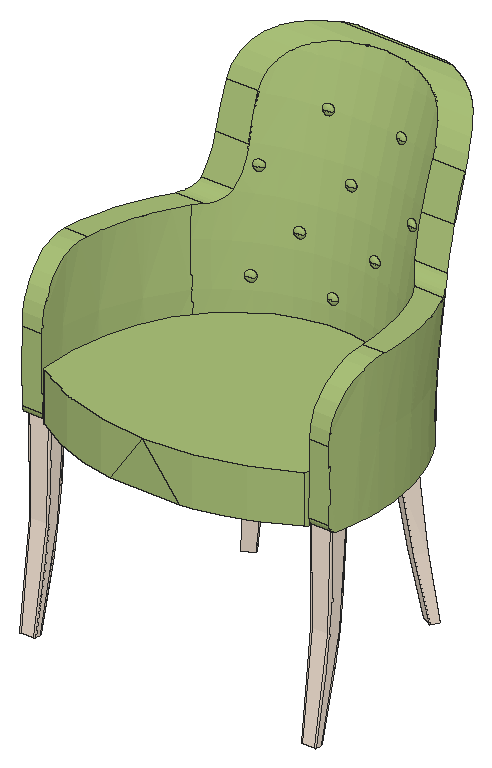
Revit family "FU_Chair_Sandler_Luma 5-1K", category Furniture, Revit 2020
Family settings
  OmniClass Number = 23.40.20.00
  OmniClass Title = General Furniture and Specialties
  Work Plane-Based = No
  Always vertical = Yes
  Cut with Voids When Loaded = No
  Shared = No
  Room Calculation Point = No
Parameters (values of type "Luma 5.1K")
  Width = 650 mm
  URL = "https://www.sandlerseating.com/product/luma-5-1k/"
  Seat [instance] = Fabric - Manhattan - Ellis YI365
  Model = "Luma 5.1K"
  Manufacturer = "Sandler"
  Height = 910 mm
  Frame [instance] = Wood - Beech - White Aniline
  Description = "Armchair, fully upholstered with button detail. Beech frame."
  Depth = 650 mm
  Default Elevation = 0 mm
Reference planes
  plane 1 "Center (Front/Back)": y = 0
  plane 2: z = 0
  plane 3 "Center (Left/Right)": x = 0
  plane 4 "Right": x = -325
  plane 5 "Left": x = 325
  plane 6 "Back": y = 325
  plane 7 "Front": y = -325
  plane 8 "Height": z = 910
  plane 9 "Seat height": z = 480
  plane 10 "Back Legs RIGHT": through (4267.2, 185.32, 1.178) normal (0, -0.9948, -0.1016)
  plane 11 "Arm edge": y = -152.6
  plane 12 "L FL FRONT": through (295.598, -1524, -3.695) normal (-0.9993, 0, -0.0377)
  plane 13 "K1": z = 800.603
  plane 14 "k2": z = 705.282
  plane 15 "k3": z = 609.202
  plane 16 "k4": z = 521.599
Forms (mm)
  SweptBlend 1, solid, material "Wood - Beech - White Aniline" <- "Frame"
    path origin (5, 183.373, 20.251) x (0, 0.101559, -0.994829) y (1, 0, 0)
      loop
        arc (29.342, -192.452) -> (-163.928, -164.338) -> (-358.914, -153.175) r 2238.739
    profile origin (-187.452, 186.353, -8.939) x (-0.982364, -0.01899, 0.186013) y (0, -0.994829, -0.101559)
      loop
        line (12.108, 14.922) -> (3.806, 29.084) -> (-16.918, 16.935) -> (-7.798, 3.253) -> (12.108, 14.922)
    end profile origin (-148.175, 146.922, 377.309) x (-0.999908, -0.001377, 0.013484) y (0, -0.994829, -0.101559)
      loop
        line (26.399, 8.926) -> (6.58, 39.672) -> (-25.918, 18.724) -> (-6.837, -10.876) -> (26.399, 8.926)
  SweptBlend 2, solid, material "Wood - Beech - White Aniline" <- "Frame"
    path origin (-5, 183.373, 20.251) x (0, 0.101559, -0.994829) y (-1, 0, 0)
      loop
        arc (29.342, -192.452) -> (-163.928, -164.338) -> (-358.914, -153.175) r 2238.739
    profile origin (187.452, 186.353, -8.939) x (-0.982364, 0.01899, -0.186013) y (0, -0.994829, -0.101559)
      loop
        line (-12.108, 14.922) -> (7.798, 3.253) -> (16.918, 16.935) -> (-3.806, 29.084) -> (-12.108, 14.922)
    end profile origin (148.175, 146.922, 377.309) x (-0.999908, 0.001377, -0.013484) y (0, -0.994829, -0.101559)
      loop
        line (-26.399, 8.926) -> (6.837, -10.876) -> (25.918, 18.724) -> (-6.58, 39.672) -> (-26.399, 8.926)
  Extrusion 3, solid, material "Fabric - Manhattan - Ellis YI365" <- "Seat"
    sketch origin (0, 0, 480) x (-1, 0, 0) y (0, -1, 0)
      loop
        arc (-143.909, -114.494) -> (0, -164.766) -> (143.909, -114.494) r 231.115
        arc (143.909, -114.494) -> (221.646, -24.721) -> (261.665, 87.086) r 322.835
        arc (261.665, 87.086) -> (268.704, 162.821) -> (265.706, 238.823) r 576.15
        arc (265.706, 238.823) -> (264.009, 243.822) -> (260.33, 247.608) r 11.996
        arc (260.33, 247.608) -> (0.001, 325) -> (-260.329, 247.609) r 476.543
        arc (-260.329, 247.609) -> (-264.009, 243.822) -> (-265.707, 238.821) r 12
        arc (-265.707, 238.821) -> (-268.704, 162.82) -> (-261.665, 87.086) r 576.15
        arc (-261.665, 87.086) -> (-221.646, -24.721) -> (-143.909, -114.494) r 322.835
    from -124.498 to 0
  Extrusion 4, void
    sketch origin (0, 0, 0) x (0, 1, 0) y (0, 0, 1)
      loop
        line (-325, 478.978) -> (-319.879, 382.269) -> (185.355, 363.18) -> (185.355, 459.696) -> (-325, 478.978)
      loop
        line (-370.226, 500.654) -> (-370.226, 345.654) -> (209.774, 345.654) -> (209.774, 500.654) -> (-370.226, 500.654)
    from -325 to 325
  Extrusion 5, void
    sketch origin (0, 0, 0) x (0, 1, 0) y (0, 0, 1)
      loop
        line (260, 360.36) -> (-228.159, 378.803)
        arc (-228.159, 378.803) -> (-239.08, 383.694) -> (-243.555, 394.792) r 16
        line (-243.555, 394.792) -> (-243.555, 537.413)
        arc (-243.555, 537.413) -> (-207.155, 623.033) -> (-119.907, 655.335) r 117.482
        line (-119.907, 655.335) -> (91.8, 644.205)
        arc (91.8, 644.205) -> (113.257, 648.966) -> (129.185, 664.111) r 41.066
        arc (129.185, 664.111) -> (144.026, 700.031) -> (155.68, 737.108) r 445.591
        arc (155.68, 737.108) -> (167.893, 778.684) -> (182.149, 819.605) r 874.673
        arc (182.149, 819.605) -> (232.106, 884.278) -> (309.738, 909.807) r 139.307
        arc (309.738, 909.807) -> (322.465, 904.696) -> (323.562, 891.025) r 13.026
        line (323.562, 891.025) -> (361.278, 891.025) -> (361.278, 1201.025) -> (-325, 1201.025) -> (-325, 271.025) -> (260, 271.025) -> (260, 360.36)
    from -350 to 350
  SweptBlend 6, solid, material "Fabric - Manhattan - Ellis YI365" <- "Seat"
    path origin (0, 0, 0) x (0, 1, 0) y (0, 0, 1)
      loop
        arc (213.43, 333.994) -> (240.733, 637.28) -> (338.083, 925.812) r 1295.386
    profile "Pro_Luma 5-2 BackBase : Pro_Luma 5-2 BackBase" origin (0, 213.43, 333.994) x (0, -0.999607, -0.028023) y (1, 0, 0)
      loop
        arc (113.639, -244.525) -> (295.904, -313.146) -> (490, -297.149) r 443.929
        line (490, -297.149) -> (490, -260.107)
        arc (490, -260.107) -> (311.893, -264.863) -> (145.216, -201.905) r 462.275
        arc (145.216, -201.905) -> (48.18, 10.53) -> (164.343, 213.14) r 255.568
        arc (164.343, 213.14) -> (322.852, 266.578) -> (490, 260.107) r 462.275
        line (490, 260.107) -> (490, 297.149)
        arc (490, 297.149) -> (293.429, 312.792) -> (109.475, 241.757) r 443.929
        arc (109.475, 241.757) -> (0.011, -2.339) -> (113.639, -244.525) r 320.777
    end profile "Pro_Luma 5-2 BackTop : Pro_Luma 5-2 BackTop" origin (0, 338.083, 925.812) x (0, -0.903379, 0.428843) y (1, 0, 0)
      loop
        line (490, -311.912) -> (490, -272.452)
        arc (490, -272.452) -> (337.827, -283.61) -> (189.324, -248.563) r 502.276
        arc (189.324, -248.563) -> (39.922, 0) -> (189.324, 248.563) r 281.471
        arc (189.324, 248.563) -> (337.827, 283.61) -> (490, 272.452) r 502.276
        line (490, 272.452) -> (490, 311.912)
        arc (490, 311.912) -> (329.739, 323.267) -> (172.778, 288.981) r 564.069
        arc (172.778, 288.981) -> (-0.071, 0) -> (172.778, -288.981) r 327.994
        arc (172.778, -288.981) -> (329.739, -323.267) -> (490, -311.912) r 564.069
  SweptBlend 7, solid, material "Wood - Beech - White Aniline" <- "Frame"
    path origin (0, 20, 1.3) x (0, 1, 0) y (0, 0, 1)
      loop
        arc (-276.589, -6.834) -> (-241.307, 190.424) -> (-232.992, 390.64) r 1480.192
    profile origin (0, -256.589, -5.534) x (0, -0.970202, 0.242297) y (1, 0, 0)
      loop
        arc (8.017, 295.139) -> (7.431, 296.553) -> (6.017, 297.139) r 2
        line (6.017, 297.139) -> (-5.983, 297.139)
        arc (-5.983, 297.139) -> (-7.397, 296.553) -> (-7.983, 295.139) r 2
        line (-7.983, 295.139) -> (-7.983, 269.139)
        arc (-7.983, 269.139) -> (-7.397, 267.725) -> (-5.983, 267.139) r 2
        line (-5.983, 267.139) -> (6.017, 267.139)
        arc (6.017, 267.139) -> (7.431, 267.725) -> (8.017, 269.139) r 2
        line (8.017, 269.139) -> (8.017, 295.139)
    end profile origin (0, -212.992, 391.94) x (0, -0.999656, -0.026232) y (1, 0, 0)
      loop
        line (20, 262.639) -> (20, 301.639)
        arc (20, 301.639) -> (19.121, 303.76) -> (17, 304.639) r 3
        line (17, 304.639) -> (-17, 304.639)
        arc (-17, 304.639) -> (-19.121, 303.76) -> (-20, 301.639) r 3
        line (-20, 301.639) -> (-20, 262.639)
        arc (-20, 262.639) -> (-19.121, 260.518) -> (-17, 259.639) r 3
        line (-17, 259.639) -> (17, 259.639)
        arc (17, 259.639) -> (19.121, 260.518) -> (20, 262.639) r 3
  SweptBlend 8, solid, material "Wood - Beech - White Aniline" <- "Frame"
    path origin (0, 20, 1.3) x (0, 1, 0) y (0, 0, -1)
      loop
        arc (-276.589, 6.834) -> (-241.307, -190.424) -> (-232.992, -390.64) r 1480.192
    profile origin (0, -256.589, -5.534) x (0, 0.970202, -0.242297) y (-1, 0, 0)
      loop
        line (-8.017, 295.139) -> (-8.017, 269.139)
        arc (-8.017, 269.139) -> (-7.431, 267.725) -> (-6.017, 267.139) r 2
        line (-6.017, 267.139) -> (5.983, 267.139)
        arc (5.983, 267.139) -> (7.397, 267.725) -> (7.983, 269.139) r 2
        line (7.983, 269.139) -> (7.983, 295.139)
        arc (7.983, 295.139) -> (7.397, 296.553) -> (5.983, 297.139) r 2
        line (5.983, 297.139) -> (-6.017, 297.139)
        arc (-6.017, 297.139) -> (-7.431, 296.553) -> (-8.017, 295.139) r 2
    end profile origin (0, -212.992, 391.94) x (0, 0.999656, 0.026232) y (-1, 0, 0)
      loop
        arc (-20, 262.639) -> (-19.121, 260.518) -> (-17, 259.639) r 3
        line (-17, 259.639) -> (17, 259.639)
        arc (17, 259.639) -> (19.121, 260.518) -> (20, 262.639) r 3
        line (20, 262.639) -> (20, 301.639)
        arc (20, 301.639) -> (19.121, 303.76) -> (17, 304.639) r 3
        line (17, 304.639) -> (-17, 304.639)
        arc (-17, 304.639) -> (-19.121, 303.76) -> (-20, 301.639) r 3
        line (-20, 301.639) -> (-20, 262.639)
  Extrusion 9, void
    sketch origin (0, 0, 0) x (1, 0, 0) y (0, 0, 1)
      loop
        line (-325, 0) -> (-325, -20) -> (325, -20) -> (325, 0) -> (-325, 0)
    from -325 to 325
  Revolve 10, solid, material "Fabric - Manhattan - Ellis YI365" <- "Seat"
    sketch origin (0, -10, 800.603) x (-1, 0, 0) y (0, -1, 0)
      loop
        line (72.695, -235.625) -> (74.259, -245.502)
        spline (74.259, -245.502) -> (76.789, -244.929) -> (79.093, -244.058) -> (81.014, -242.949) -> (82.422, -241.678) -> (83.22, -240.331) -> (83.354, -238.999) -> (82.815, -237.774) -> (81.64, -236.74) -> (79.908, -235.965) -> (77.738, -235.505) -> (75.278, -235.388) -> (72.695, -235.625)
      axis (74.259, -245.502) -> (72.695, -235.625)
    angle from 0 to 360
  Revolve 11, solid, material "Fabric - Manhattan - Ellis YI365" <- "Seat"
    sketch origin (0, -10, 800.603) x (1, 0, 0) y (0, -1, 0)
      loop
        line (72.695, -235.625) -> (74.259, -245.502)
        spline (74.259, -245.502) -> (76.789, -244.929) -> (79.093, -244.058) -> (81.014, -242.949) -> (82.422, -241.678) -> (83.22, -240.331) -> (83.354, -238.999) -> (82.815, -237.774) -> (81.64, -236.74) -> (79.908, -235.965) -> (77.738, -235.505) -> (75.278, -235.388) -> (72.695, -235.625)
      axis (74.259, -245.502) -> (72.695, -235.625)
    angle from 0 to 360
  Revolve 12, solid, material "Fabric - Manhattan - Ellis YI365" <- "Seat"
    sketch origin (0, -5, 705.282) x (-1, 0, 0) y (0, -1, 0)
      loop
        line (0, -196.02) -> (0, -206.02)
        spline (0, -206.02) -> (2.588, -205.849) -> (5, -205.35) -> (7.071, -204.555) -> (8.66, -203.52) -> (9.659, -202.314) -> (10, -201.02) -> (9.659, -199.725) -> (8.66, -198.52) -> (7.071, -197.484) -> (5, -196.689) -> (2.588, -196.19) -> (0, -196.02)
      axis (0, -206.02) -> (0, -196.02)
    angle from 0 to 360
  Revolve 13, solid, material "Fabric - Manhattan - Ellis YI365" <- "Seat"
    sketch origin (0, -5, 705.282) x (-1, 0, 0) y (0, -1, 0)
      loop
        spline (155.156, -166.224) -> (157.471, -165.056) -> (159.496, -163.654) -> (161.092, -162.113) -> (162.151, -160.539) -> (162.599, -159.039) -> (162.407, -157.714) -> (161.588, -156.656) -> (160.197, -155.937) -> (158.329, -155.604) -> (156.113, -155.682) -> (153.697, -156.165) -> (151.248, -157.019)
        line (151.248, -157.019) -> (155.156, -166.224)
      axis (155.156, -166.224) -> (151.248, -157.019)
    angle from 0 to 360
  Revolve 14, solid, material "Fabric - Manhattan - Ellis YI365" <- "Seat"
    sketch origin (0, -5, 705.282) x (1, 0, 0) y (0, -1, 0)
      loop
        spline (155.156, -166.224) -> (157.471, -165.056) -> (159.496, -163.654) -> (161.092, -162.113) -> (162.151, -160.539) -> (162.599, -159.039) -> (162.407, -157.714) -> (161.588, -156.656) -> (160.197, -155.937) -> (158.329, -155.604) -> (156.113, -155.682) -> (153.697, -156.165) -> (151.248, -157.019)
        line (151.248, -157.019) -> (155.156, -166.224)
      axis (155.156, -166.224) -> (151.248, -157.019)
    angle from 0 to 360
  Revolve 15, solid, material "Fabric - Manhattan - Ellis YI365" <- "Seat"
    sketch origin (0, -5, 609.202) x (-1, 0, 0) y (0, -1, 0)
      loop
        line (74.689, -161.098) -> (76.254, -170.975)
        spline (76.254, -170.975) -> (78.783, -170.402) -> (81.087, -169.531) -> (83.009, -168.423) -> (84.416, -167.151) -> (85.214, -165.804) -> (85.348, -164.472) -> (84.809, -163.248) -> (83.634, -162.213) -> (81.902, -161.439) -> (79.733, -160.978) -> (77.272, -160.862) -> (74.689, -161.098)
      axis (76.254, -170.975) -> (74.689, -161.098)
    angle from 0 to 360
  Revolve 16, solid, material "Fabric - Manhattan - Ellis YI365" <- "Seat"
    sketch origin (0, -5, 609.202) x (1, 0, 0) y (0, -1, 0)
      loop
        line (74.689, -161.098) -> (76.254, -170.975)
        spline (76.254, -170.975) -> (78.783, -170.402) -> (81.087, -169.531) -> (83.009, -168.423) -> (84.416, -167.151) -> (85.214, -165.804) -> (85.348, -164.472) -> (84.809, -163.248) -> (83.634, -162.213) -> (81.902, -161.439) -> (79.733, -160.978) -> (77.272, -160.862) -> (74.689, -161.098)
      axis (76.254, -170.975) -> (74.689, -161.098)
    angle from 0 to 360
  Revolve 17, solid, material "Fabric - Manhattan - Ellis YI365" <- "Seat"
    sketch origin (0, -10, 521.599) x (-1, 0, 0) y (0, -1, 0)
      loop
        spline (0, -164.807) -> (2.588, -164.636) -> (5, -164.137) -> (7.071, -163.342) -> (8.66, -162.307) -> (9.659, -161.101) -> (10, -159.807) -> (9.659, -158.512) -> (8.66, -157.307) -> (7.071, -156.271) -> (5, -155.476) -> (2.588, -154.977) -> (0, -154.807)
        line (0, -154.807) -> (0, -164.807)
      axis (0, -164.807) -> (0, -154.807)
    angle from 0 to 360
  Revolve 18, solid, material "Fabric - Manhattan - Ellis YI365" <- "Seat"
    sketch origin (0, -10, 521.599) x (-1, 0, 0) y (0, -1, 0)
      loop
        spline (148.471, -141.691) -> (150.807, -140.563) -> (152.856, -139.197) -> (154.478, -137.684) -> (155.564, -136.129) -> (156.038, -134.637) -> (155.869, -133.309) -> (155.069, -132.237) -> (153.691, -131.493) -> (151.829, -131.128) -> (149.611, -131.167) -> (147.188, -131.608) -> (144.725, -132.419)
        line (144.725, -132.419) -> (148.471, -141.691)
      axis (148.471, -141.691) -> (144.725, -132.419)
    angle from 0 to 360
  Revolve 19, solid, material "Fabric - Manhattan - Ellis YI365" <- "Seat"
    sketch origin (0, -10, 521.599) x (1, 0, 0) y (0, -1, 0)
      loop
        spline (148.471, -141.691) -> (150.807, -140.563) -> (152.856, -139.197) -> (154.478, -137.684) -> (155.564, -136.129) -> (156.038, -134.637) -> (155.869, -133.309) -> (155.069, -132.237) -> (153.691, -131.493) -> (151.829, -131.128) -> (149.611, -131.167) -> (147.188, -131.608) -> (144.725, -132.419)
        line (144.725, -132.419) -> (148.471, -141.691)
      axis (148.471, -141.691) -> (144.725, -132.419)
    angle from 0 to 360
Cuts and joins
  Extrusion 4 cuts Extrusion 3
  Extrusion 5 cuts SweptBlend 6
  Extrusion 9 cuts SweptBlend 8
  Extrusion 9 cuts SweptBlend 7
  Extrusion 9 cuts SweptBlend 2
  Extrusion 9 cuts SweptBlend 1
Dimensions and locks
  equal spacing: plane 4 "Right", plane 3 "Center (Left/Right)", plane 5 "Left"
  "Width": plane 4 "Right" to plane 5 "Left"
  equal spacing: plane 6 "Back", plane 1 "Center (Front/Back)", plane 7 "Front"
  "Depth": plane 6 "Back" to plane 7 "Front"
  "Height": plane 8 "Height" to level
  plane 9 "Seat height" to level = 480 mm
  aligned and locked: level to plane 2
Automatic sketch dimensions
  plane 4 "Right" to SweptBlend 1 sketch curve = 2061.709 mm
  SweptBlend 1 sketch curve to plane 3 "Center (Left/Right)" = 148.175 mm
  SweptBlend 1 sketch curve to SweptBlend 1 sketch curve = 30.344 mm
  SweptBlend 1 sketch curve to plane 4 "Right" = 137.548 mm
  profile plane to SweptBlend 1 sketch curve = 16.918 mm
  plane 10 "Back Legs RIGHT" to SweptBlend 1 sketch curve = 3.253 mm
  profile plane to SweptBlend 1 sketch curve = 7.798 mm
  SweptBlend 1 sketch curve to profile plane = 3.806 mm
  SweptBlend 1 sketch curve to profile plane = 12.108 mm
  plane 10 "Back Legs RIGHT" to SweptBlend 1 sketch curve = 14.922 mm
  profile plane to SweptBlend 1 sketch curve = 25.918 mm
  profile plane to SweptBlend 1 sketch curve = 6.837 mm
  SweptBlend 1 sketch curve to profile plane = 6.58 mm
  plane 10 "Back Legs RIGHT" to SweptBlend 1 sketch curve = 8.926 mm
  SweptBlend 1 sketch curve to profile plane = 26.399 mm
  SweptBlend 1 sketch curve to plane 10 "Back Legs RIGHT" = 10.876 mm
  plane 5 "Left" to SweptBlend 2 sketch curve = 2061.709 mm
  SweptBlend 2 sketch curve to plane 3 "Center (Left/Right)" = 148.175 mm
  SweptBlend 2 sketch curve to SweptBlend 2 sketch curve = 30.344 mm
  SweptBlend 2 sketch curve to plane 5 "Left" = 137.548 mm
  profile plane to SweptBlend 2 sketch curve = 12.108 mm
  profile plane to SweptBlend 2 sketch curve = 3.806 mm
  plane 10 "Back Legs RIGHT" to SweptBlend 2 sketch curve = 3.253 mm
  SweptBlend 2 sketch curve to profile plane = 7.798 mm
  SweptBlend 2 sketch curve to SweptBlend 2 sketch curve = 9.119 mm
  plane 10 "Back Legs RIGHT" to SweptBlend 2 sketch curve = 14.922 mm
  plane 10 "Back Legs RIGHT" to SweptBlend 2 sketch curve = 8.926 mm
  profile plane to SweptBlend 2 sketch curve = 26.399 mm
  profile plane to SweptBlend 2 sketch curve = 6.58 mm
  SweptBlend 2 sketch curve to profile plane = 6.837 mm
  plane 10 "Back Legs RIGHT" to SweptBlend 2 sketch curve = 18.724 mm
  SweptBlend 2 sketch curve to profile plane = 25.918 mm
  Extrusion 3 sketch curve to plane 3 "Center (Left/Right)" = 0 mm  (x2)
  plane 11 "Arm edge" to Extrusion 3 sketch curve = 14.481 mm  (x2)
  plane 3 "Center (Left/Right)" to Extrusion 3 sketch curve = 57.112 mm
  plane 5 "Left" to Extrusion 3 sketch curve = 71.227 mm
  plane 5 "Left" to Extrusion 3 sketch curve = 17.759 mm
  Extrusion 3 sketch curve to plane 3 "Center (Left/Right)" = 57.112 mm
  Extrusion 3 sketch curve to plane 4 "Right" = 71.223 mm
  Extrusion 3 sketch curve to plane 4 "Right" = 17.759 mm
  plane 1 "Center (Front/Back)" to Extrusion 3 sketch curve = 66.349 mm
  Extrusion 3 sketch curve to plane 1 "Center (Front/Back)" = 151.543 mm
  Extrusion 3 sketch curve to plane 11 "Arm edge" = 25.562 mm  (x2)
  Extrusion 3 sketch curve to Extrusion 3 sketch curve = 59.396 mm
  Extrusion 3 sketch curve to Extrusion 3 sketch curve = 59.398 mm
  Extrusion 3 sketch curve to plane 1 "Center (Front/Back)" = 114.494 mm
  Extrusion 3 sketch curve to Extrusion 3 sketch curve = 0 mm  (x6)
  Extrusion 3 sketch curve to Extrusion 3 sketch curve = 6.555 mm
  Extrusion 4 sketch curve to plane 7 "Front" = 0 mm
  plane 9 "Seat height" to Extrusion 4 sketch curve = 20.654 mm
  Extrusion 4 sketch curve to plane 7 "Front" = 45.226 mm
  plane 7 "Front" to Extrusion 4 sketch curve = 5.121 mm
  Extrusion 4 sketch curve to plane 6 "Back" = 139.645 mm
  Extrusion 4 sketch curve to Extrusion 4 sketch curve = 24.419 mm
  Extrusion 4 sketch curve to plane 9 "Seat height" = 1.022 mm
  Extrusion 4 sketch curve to plane 9 "Seat height" = 20.304 mm
  Extrusion 4 sketch curve to Extrusion 4 sketch curve = 96.71 mm
  Extrusion 4 sketch curve to Extrusion 4 sketch curve = 96.516 mm
  Extrusion 4 sketch curve to Extrusion 4 sketch curve = 17.526 mm
  Extrusion 5 sketch curve to plane 7 "Front" = 0 mm
  plane 7 "Front" to Extrusion 5 sketch curve = 50.172 mm
  plane 7 "Front" to Extrusion 5 sketch curve = 81.445 mm
  Extrusion 5 sketch curve to Extrusion 5 sketch curve = 15.396 mm
  Extrusion 5 sketch curve to Extrusion 5 sketch curve = 0.604 mm
  plane 11 "Arm edge" to Extrusion 5 sketch curve = 26.525 mm
  plane 11 "Arm edge" to Extrusion 5 sketch curve = 32.693 mm
  plane 15 "k3" to Extrusion 5 sketch curve = 35.003 mm
  Extrusion 5 sketch curve to plane 1 "Center (Front/Back)" = 91.8 mm
  Extrusion 5 sketch curve to plane 14 "k2" = 20.068 mm
  Extrusion 5 sketch curve to Extrusion 5 sketch curve = 2.156 mm
  Extrusion 5 sketch curve to plane 6 "Back" = 65 mm
  Extrusion 5 sketch curve to plane 6 "Back" = 13.026 mm
  Extrusion 5 sketch curve to plane 6 "Back" = 12.475 mm
  Extrusion 5 sketch curve to plane 6 "Back" = 1.438 mm
  plane 6 "Back" to Extrusion 5 sketch curve = 36.278 mm
  Extrusion 5 sketch curve to plane 16 "k4" = 10.136 mm
  plane 6 "Back" to Extrusion 5 sketch curve = 675.747 mm
  Extrusion 5 sketch curve to plane 9 "Seat height" = 85.208 mm
  Extrusion 5 sketch curve to plane 9 "Seat height" = 119.64 mm
  Extrusion 5 sketch curve to Extrusion 5 sketch curve = 107.779 mm
  plane 16 "k4" to Extrusion 5 sketch curve = 15.814 mm
  plane 16 "k4" to Extrusion 5 sketch curve = 16.417 mm
  Extrusion 5 sketch curve to plane 13 "K1" = 30.075 mm
  plane 13 "K1" to Extrusion 5 sketch curve = 51.456 mm
  Extrusion 5 sketch curve to plane 8 "Height" = 18.975 mm
  Extrusion 5 sketch curve to Extrusion 5 sketch curve = 5.949 mm
  plane 8 "Height" to Extrusion 5 sketch curve = 291.025 mm
  Extrusion 5 sketch curve to Extrusion 5 sketch curve = 35.229 mm
  Extrusion 5 sketch curve to Extrusion 5 sketch curve = 0 mm  (x2)
  SweptBlend 6 sketch curve to plane 9 "Seat height" = 109.706 mm
  plane 6 "Back" to SweptBlend 6 sketch curve = 1183.307 mm
  plane 6 "Back" to SweptBlend 6 sketch curve = 13.083 mm
  SweptBlend 6 sketch curve to plane 6 "Back" = 111.57 mm
  SweptBlend 6 sketch curve to plane 9 "Seat height" = 146.006 mm
  SweptBlend 7 sketch curve to plane 9 "Seat height" = 126.888 mm
  SweptBlend 7 sketch curve to plane 7 "Front" = 1367.674 mm
  SweptBlend 7 sketch curve to level = 5.534 mm
  plane 7 "Front" to SweptBlend 7 sketch curve = 68.411 mm
  SweptBlend 7 sketch curve to plane 11 "Arm edge" = 60.392 mm
  profile plane to SweptBlend 7 sketch curve = 7.983 mm
  SweptBlend 7 sketch curve to SweptBlend 7 sketch curve = 2 mm  (x3)
  SweptBlend 7 sketch curve to profile plane = 6.017 mm  (x2)
  profile plane to SweptBlend 7 sketch curve = 267.139 mm
  SweptBlend 7 sketch curve to SweptBlend 7 sketch curve = 26 mm
  profile plane to SweptBlend 7 sketch curve = 20 mm
  SweptBlend 7 sketch curve to SweptBlend 7 sketch curve = 3 mm  (x3)
  SweptBlend 7 sketch curve to profile plane = 17 mm  (x2)
  profile plane to SweptBlend 7 sketch curve = 259.639 mm
  SweptBlend 7 sketch curve to SweptBlend 7 sketch curve = 39 mm
  SweptBlend 8 sketch curve to plane 9 "Seat height" = 126.888 mm
  SweptBlend 8 sketch curve to plane 7 "Front" = 1367.674 mm
  SweptBlend 8 sketch curve to level = 5.534 mm
  plane 7 "Front" to SweptBlend 8 sketch curve = 68.411 mm
  SweptBlend 8 sketch curve to plane 11 "Arm edge" = 60.392 mm
  profile plane to SweptBlend 8 sketch curve = 8.017 mm
  SweptBlend 8 sketch curve to SweptBlend 8 sketch curve = 2 mm  (x3)
  SweptBlend 8 sketch curve to profile plane = 5.983 mm  (x2)
  profile plane to SweptBlend 8 sketch curve = 267.139 mm
  SweptBlend 8 sketch curve to SweptBlend 8 sketch curve = 26 mm
  profile plane to SweptBlend 8 sketch curve = 20 mm
  SweptBlend 8 sketch curve to SweptBlend 8 sketch curve = 3 mm  (x3)
  SweptBlend 8 sketch curve to profile plane = 17 mm  (x2)
  profile plane to SweptBlend 8 sketch curve = 259.639 mm
  SweptBlend 8 sketch curve to SweptBlend 8 sketch curve = 39 mm
  plane 4 "Right" to Extrusion 9 sketch curve = 0 mm
  plane 5 "Left" to Extrusion 9 sketch curve = 0 mm
  Extrusion 9 sketch curve to level = 0 mm
  Extrusion 9 sketch curve to level = 20 mm
  Revolve 10 sketch curve to plane 3 "Center (Left/Right)" = 72.695 mm
  Revolve 10 sketch curve to Revolve 10 sketch curve = 1.564 mm
  Revolve 10 sketch curve to plane 6 "Back" = 89.498 mm
  Revolve 10 sketch curve to Revolve 10 sketch curve = 0.611 mm
  Revolve 10 sketch curve to Revolve 10 sketch curve = 9.877 mm
  Revolve 10 sketch curve to Revolve 10 sketch curve = 0 mm  (x2)
  Revolve 10 sketch curve to Revolve 10 sketch curve = 3.855 mm
  Revolve 11 sketch curve to plane 3 "Center (Left/Right)" = 72.695 mm
  Revolve 11 sketch curve to Revolve 11 sketch curve = 1.564 mm
  plane 6 "Back" to Revolve 11 sketch curve = 89.498 mm
  Revolve 11 sketch curve to Revolve 11 sketch curve = 0.611 mm
  Revolve 11 sketch curve to Revolve 11 sketch curve = 9.877 mm
  Revolve 11 sketch curve to Revolve 11 sketch curve = 0 mm  (x2)
  Revolve 11 sketch curve to Revolve 11 sketch curve = 3.855 mm
  Revolve 12 sketch curve to plane 3 "Center (Left/Right)" = 0 mm  (x2)
  Revolve 12 sketch curve to plane 6 "Back" = 123.98 mm
  Revolve 12 sketch curve to Revolve 12 sketch curve = 10 mm  (x2)
  Revolve 12 sketch curve to Revolve 12 sketch curve = 0 mm
  Revolve 12 sketch curve to Revolve 12 sketch curve = 4.024 mm
  Revolve 13 sketch curve to plane 3 "Center (Left/Right)" = 151.248 mm
  Revolve 13 sketch curve to Revolve 13 sketch curve = 3.907 mm
  Revolve 13 sketch curve to plane 6 "Back" = 163.776 mm
  Revolve 13 sketch curve to Revolve 13 sketch curve = 0.993 mm
  Revolve 13 sketch curve to Revolve 13 sketch curve = 0 mm  (x2)
  Revolve 13 sketch curve to Revolve 13 sketch curve = 9.205 mm
  Revolve 13 sketch curve to Revolve 13 sketch curve = 2.34 mm
  Revolve 14 sketch curve to plane 3 "Center (Left/Right)" = 151.248 mm
  Revolve 14 sketch curve to Revolve 14 sketch curve = 3.907 mm
  plane 6 "Back" to Revolve 14 sketch curve = 163.776 mm
  Revolve 14 sketch curve to Revolve 14 sketch curve = 0.993 mm
  Revolve 14 sketch curve to Revolve 14 sketch curve = 0 mm  (x2)
  Revolve 14 sketch curve to Revolve 14 sketch curve = 9.205 mm
  Revolve 14 sketch curve to Revolve 14 sketch curve = 2.34 mm
  Revolve 15 sketch curve to plane 3 "Center (Left/Right)" = 74.689 mm
  Revolve 15 sketch curve to Revolve 15 sketch curve = 1.564 mm
  Revolve 15 sketch curve to plane 6 "Back" = 159.025 mm
  Revolve 15 sketch curve to Revolve 15 sketch curve = 0.179 mm
  Revolve 15 sketch curve to Revolve 15 sketch curve = 9.877 mm
  Revolve 15 sketch curve to Revolve 15 sketch curve = 0 mm  (x2)
  Revolve 15 sketch curve to Revolve 15 sketch curve = 1.129 mm
  Revolve 16 sketch curve to plane 3 "Center (Left/Right)" = 74.689 mm
  Revolve 16 sketch curve to Revolve 16 sketch curve = 1.564 mm
  plane 6 "Back" to Revolve 16 sketch curve = 159.025 mm
  Revolve 16 sketch curve to Revolve 16 sketch curve = 0.179 mm
  Revolve 16 sketch curve to Revolve 16 sketch curve = 9.877 mm
  Revolve 16 sketch curve to Revolve 16 sketch curve = 0 mm  (x2)
  Revolve 16 sketch curve to Revolve 16 sketch curve = 1.129 mm
  Revolve 17 sketch curve to plane 3 "Center (Left/Right)" = 0 mm  (x2)
  Revolve 17 sketch curve to plane 6 "Back" = 170.193 mm
  Revolve 17 sketch curve to Revolve 17 sketch curve = 10 mm
  Revolve 17 sketch curve to plane 3 "Center (Left/Right)" = 10 mm
  Revolve 17 sketch curve to Revolve 17 sketch curve = 1.206 mm
  Revolve 17 sketch curve to Revolve 17 sketch curve = 2.581 mm
  Revolve 18 sketch curve to plane 3 "Center (Left/Right)" = 144.725 mm
  Revolve 18 sketch curve to Revolve 18 sketch curve = 3.746 mm
  Revolve 18 sketch curve to plane 1 "Center (Front/Back)" = 131.691 mm
  Revolve 18 sketch curve to Revolve 18 sketch curve = 0.912 mm
  Revolve 18 sketch curve to Revolve 18 sketch curve = 0 mm  (x2)
  Revolve 18 sketch curve to Revolve 18 sketch curve = 9.272 mm
  Revolve 18 sketch curve to Revolve 18 sketch curve = 2.258 mm
  Revolve 19 sketch curve to plane 3 "Center (Left/Right)" = 144.725 mm
  Revolve 19 sketch curve to Revolve 19 sketch curve = 3.746 mm
  plane 1 "Center (Front/Back)" to Revolve 19 sketch curve = 131.691 mm
  Revolve 19 sketch curve to Revolve 19 sketch curve = 0.912 mm
  Revolve 19 sketch curve to Revolve 19 sketch curve = 0 mm  (x2)
  Revolve 19 sketch curve to Revolve 19 sketch curve = 9.272 mm
  Revolve 19 sketch curve to Revolve 19 sketch curve = 2.258 mm
